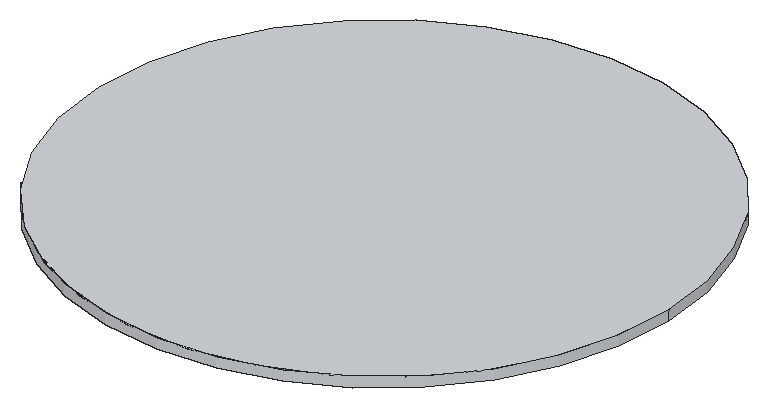
Revit family "CITY", category Lighting Fixtures, host Face, Revit 2023 (continued)
Types (10, lengths in mm): name | Radio | Photometric Web File | built-in parameter 1150142 | Manufacturer | LuxLight_Watios | LuxLight_Temperatura | LuxLight_Lumenes
  LISUP2083 | 1041.5 | "LISUP208301 .ies" | "IESNA:LM-63-2002\r\n[TEST] Viso  - serial: n/a sensor serial: n/a\r\n[TESTLAB] Viso  - serial: n/a sensor serial: n/a - Test lab\r\n[MANUFAC] LUX LIGHT\r\n[ISSUEDATE] 12/9/2025\r\n[LUMINAIRE] CITY ROUND 3000K 20W Ø220x55mm\r\n[LUMCAT] N/A\r\nTILT=NONE\r\n1 1550 1 181 17 1 2 -0.215 -0.215 0\r\n1.0 1.0 20.00\r\n0 1 2 3 4 5 6 7 8 9 10 11 12 13 14 15 16 17 18 19 20 21 22 23 24 25 26 27 28 29 30 31 32 33 34 35 36 37 38 39 40 41 42 43 44 45 46 47 48 49 50 51 52 53 54 55 56 57 58 59 60 61 62 63 64 65 66 67 68 69 70 71 72 73 74 75 76 77 78 79 80\r\n 81 82 83 84 85 86 87 88 89 90 91 92 93 94 95 96 97 98 99 100 101 102 103 104 105 106 107 108 109 110 111 112 113 114 115 116 117 118 119 120 121 122 123 124 125 126 127 128 129 130 131 132 133 134 135 136 137 138 139 140 141 142 143\r\n 144 145 146 147 148 149 150 151 152 153 154 155 156 157 158 159 160 161 162 163 164 165 166 167 168 169 170 171 172 173 174 175 176 177 178 179 180\r\n0 22.5 45 67.5 90 112.5 135 157.5 180 202.5 225 247.5 270 292.5 315 337.5 360 \r\n563.50531 562.336914 561.902893 561.267273 560.492188 559.639648 558.32196 557.066345 555.175171 553.438965 551.563293 549.315552 546.881836 544.510071 541.62677 538.774475 535.441589 532.217285 528.868896 524.916016 521.180115 517.21167\r\n 512.824707 508.468781 503.77179 499.260803 494.39328 489.107239 483.99173 478.581635 472.861542 467.172455 461.033813 455.236206 449.190552 442.633392 436.122681 429.782532 422.450256 415.521057 408.157745 400.934021 393.818756 385.78894\r\n 378.022614 370.488831 362.164429 354.103607 345.562195 337.175842 328.959961 319.612488 311.288116 301.646118 293.244232 284.191284 274.688782 265.899353 256.505371 246.212296 237.128342 227.1763 217.580795 207.892273 197.816223 187.91069\r\n 178.547714 168.20813 158.659119 147.76149 138.119461 127.888397 117.161278 106.790695 96.776642 85.398453 75.492912 64.161224 54.348694 44.846199 34.212086 25.345156 16.850266 9.34748 5.084533 3.596377 2.666279 1.937703 1.472654 1.255632\r\n 1.178123 1.100615 1.116117 1.14712 1.209127 1.255632 1.286635 1.33314 1.395146 1.488156 1.426149 1.503658 1.581166 1.596667 1.705179 1.81369 1.875697 1.968706 2.108221 2.201231 2.263237 2.29424 2.356247 2.371748 2.418253 2.449256\r\n 2.57327 2.542266 2.619774 2.728286 2.759289 2.821296 2.883302 2.898804 2.96081 3.05382 3.05382 3.14683 3.208836 3.224338 3.270843 3.317348 3.363853 3.472364 3.518869 3.549872 3.611878 3.673885 3.704888 3.782396 3.844403 3.906409 3.999419\r\n 4.014921 4.076927 4.107931 4.185439 4.169937 4.247445 4.247445 4.309452 4.29395 4.371458 4.402461 4.479969 4.526474 4.572979 4.464468 4.495471 4.479969 4.526474 4.541976 4.603982 4.603982 4.650487 4.681491 4.696992 4.712493 4.790002\r\n 4.805503 4.852008 4.852008 4.86751 4.852008 4.898513 4.86751 4.898513 4.852008 4.898513 4.86751 4.968271\r\n563.50531 562.662476 562.212891 561.530823 560.724792 559.624146 558.32196 556.895874 555.128662 553.2995 551.361755 548.943481 546.556274 544.122498 541.022217 538.076904 534.651001 531.163147 527.799316 523.830872 519.955505 515.956055\r\n 511.445099 506.980621 502.082123 497.478119 492.595093 487.185059 481.852478 476.659424 470.753326 465.06424 458.600037 452.740417 446.741302 439.812073 433.254883 426.914734 419.365448 412.560211 405.103943 397.771698 390.563416\r\n 381.975494 374.441742 366.566925 358.149536 350.352203 341.26828 332.819885 324.63504 315.14801 306.839142 297.104126 288.438721 279.819824 269.77475 260.938843 251.544846 241.577316 232.415848 221.998749 212.744293 203.009277 192.871201\r\n 182.950165 173.525192 162.627548 153.063034 142.583939 132.6474 122.617851 111.968231 102.264214 92.06414 81.399033 71.121452 60.62685 51.186363 41.528854 31.731825 22.895899 15.005572 7.611297 4.464468 3.162331 2.325244 1.643172\r\n 1.271133 1.14712 1.116117 1.069612 1.116117 1.116117 1.24013 1.209127 1.271133 1.33314 1.348641 1.395146 1.472654 1.519159 1.565664 1.596667 1.689677 1.875697 1.937703 2.030713 2.108221 2.170228 2.201231 2.170228 2.170228 2.325244\r\n 2.526765 2.526765 2.650778 2.650778 2.743788 2.805794 2.821296 2.929807 2.976312 3.069322 3.131328 3.162331 3.224338 3.270843 3.363853 3.394856 3.472364 3.472364 3.549872 3.62738 3.658383 3.689386 3.8134 3.859904 3.937413 3.921911\r\n 3.999419 4.045924 4.061425 4.107931 4.169937 4.216442 4.247445 4.309452 4.324953 4.417963 4.417963 4.448967 4.479969 4.526474 4.541976 4.572979 4.650487 4.696992 4.696992 4.758999 4.727995 4.7745 4.836507 4.805503 4.852008 4.898513\r\n 4.836507 4.805503 4.805503 4.898513 4.945018 4.96052 4.929516 5.022526 5.022526 5.022526 5.007024 5.022526 5.069031 5.100035 4.968271\r\n563.50531 563.189514 562.73999 562.011414 561.081299 559.903137 558.570007 557.004333 555.345642 553.407959 551.392822 548.927979 546.571777 543.952026 540.929199 537.720337 534.263489 530.961609 527.520325 523.257324 519.490417 515.367004\r\n 510.778534 506.236542 501.369019 496.377502 491.696014 486.270447 480.844879 475.3573 469.373657 463.436554 457.17392 451.035278 444.912109 437.874359 431.503204 424.744507 417.505219 410.328003 402.685699 395.585938 388.021149 379.681305\r\n 372.30249 364.210632 355.374725 347.375916 338.276428 330.122589 321.875732 312.249207 303.785339 294.065826 285.322906 276.207916 266.503937 257.063446 248.072479 238.042953 228.509445 218.433395 208.589844 199.273376 188.530762\r\n 179.074768 169.122711 158.705627 148.986115 138.08847 128.074417 118.509911 107.968811 97.954765 88.235245 77.229095 67.726593 57.387012 47.682999 38.645546 28.755514 20.555153 12.928354 6.882721 4.169937 2.96081 2.108221 1.581166\r\n 1.271133 1.14712 1.162622 1.14712 1.178123 1.24013 1.271133 1.317638 1.348641 1.379645 1.472654 1.596667 1.519159 1.596667 1.705179 1.798188 1.937703 2.046214 2.123723 2.123723 2.201231 2.278739 2.340745 2.433755 2.418253 2.371748\r\n 2.371748 2.433755 2.495762 2.526765 2.542266 2.604273 2.666279 2.759289 2.821296 2.836797 2.96081 2.976312 3.069322 3.069322 3.193335 3.224338 3.14683 3.23984 3.286344 3.394856 3.53437 3.673885 3.735892 3.766895 3.859904 3.921911\r\n 3.921911 3.968416 4.014921 4.107931 4.154435 4.216442 4.309452 4.324953 4.371458 4.402461 4.417963 4.464468 4.495471 4.526474 4.572979 4.603982 4.572979 4.572979 4.572979 4.650487 4.696992 4.852008 4.836507 4.86751 4.945018 4.991523\r\n 4.991523 4.991523 4.991523 4.991523 4.96052 4.96052 4.96052 4.96052 4.991523 4.96052 4.991523 5.007024 5.022526 5.007024 4.968271\r\n563.50531 563.499512 563.112 562.383423 561.437866 560.337219 558.864563 557.484924 555.655701 553.826538 551.70282 549.25354 546.773315 544.153503 541.068726 537.906311 534.542542 531.008179 527.473755 523.505371 519.598938 515.661499\r\n 510.949036 506.298553 501.136536 496.548035 491.509979 485.882904 480.395325 475.140289 468.846619 463.20401 456.53833 450.585724 444.369568 437.641876 430.759125 424.01593 416.621643 409.800934 401.817627 394.578339 387.370087 378.580658\r\n 371.015869 363.017029 354.444641 346.135742 337.284332 328.665436 320.279083 310.66806 302.126648 292.283112 283.555725 274.797272 264.891754 254.92421 245.700745 235.469681 225.688156 215.426071 205.427536 195.785507 184.686356 175.028839\r\n 165.247314 154.008621 144.258118 133.453476 123.330925 113.146355 102.651756 93.226768 83.383232 73.167671 63.603165 53.82164 45.047718 36.072281 26.957325 18.989489 11.595215 5.317057 3.689386 2.666279 1.953205 1.472654 1.271133\r\n 1.24013 1.271133 1.286635 1.286635 1.286635 1.379645 1.395146 1.488156 1.550162 1.581166 1.627671 1.705179 1.751684 1.875697 2.046214 2.046214 2.123723 2.139224 2.325244 2.29424 2.371748 2.371748 2.433755 2.449256 2.542266 2.588771\r\n 2.604273 2.650778 2.57327 2.666279 2.681781 2.759289 2.836797 2.898804 2.976312 3.022817 3.084823 3.131328 3.193335 3.224338 3.317348 3.348351 3.394856 3.503367 3.518869 3.62738 3.689386 3.766895 3.844403 3.968416 3.999419 4.154435\r\n 4.216442 4.324953 4.402461 4.464468 4.495471 4.479969 4.526474 4.557477 4.634985 4.681491 4.712493 4.727995 4.758999 4.7745 4.836507 4.836507 4.852008 4.929516 4.96052 4.991523 5.007024 5.007024 5.007024 5.038028 5.007024 5.038028\r\n 5.100035 5.084533 5.100035 5.038028 4.991523 5.038028 5.038028 5.022526 5.022526 5.038028 5.038028 5.069031 5.084533 4.968271\r\n563.50531 566.537903 566.010803 565.220215 564.274658 563.034546 561.592834 560.151245 557.934448 556.151794 553.99707 551.408325 548.850525 546.215271 542.975403 539.952576 536.340698 532.899353 529.225403 524.854004 520.947571 516.762146\r\n 512.034119 507.461151 502.392151 497.32309 492.502106 486.549469 481.325439 475.589844 469.606201 463.57608 456.972382 450.632202 444.478058 437.161316 430.650635 423.736908 415.939575 408.963837 400.871979 393.586243 386.145477 377.588562\r\n 369.977264 360.846802 352.491425 344.244568 334.540558 325.720123 316.589661 306.823639 297.92572 287.524109 278.393677 268.193604 257.962524 248.072479 238.228958 227.656845 218.014847 206.776169 196.886124 186.562042 175.788422\r\n 165.46434 155.078247 143.901581 133.856522 122.881378 112.433281 102.481232 91.196053 80.980484 71.338478 60.518341 51.108856 41.699368 32.987457 25.174639 17.470331 10.97515 5.704597 3.348351 2.356247 1.643172 1.178123 1.023107 1.085114\r\n 1.178123 1.178123 1.209127 1.209127 1.085114 1.085114 1.100615 1.162622 1.209127 1.24013 1.33314 1.472654 1.565664 1.627671 1.658674 1.751684 1.798188 1.860195 1.9067 1.968706 2.046214 2.092719 2.123723 2.185729 2.201231 2.29424 2.340745\r\n 2.402752 2.418253 2.449256 2.542266 2.619774 2.681781 2.743788 2.759289 2.852299 2.914305 2.991813 3.05382 3.115826 3.162331 3.23984 3.286344 3.270843 3.363853 3.456862 3.472364 3.53437 3.611878 3.704888 3.766895 3.8134 3.906409 3.983917\r\n 4.014921 4.045924 4.107931 4.169937 4.154435 4.185439 4.247445 4.262947 4.309452 4.38696 4.371458 4.417963 4.464468 4.526474 4.541976 4.557477 4.603982 4.634985 4.603982 4.650487 4.650487 4.681491 4.712493 4.727995 4.727995 4.696992\r\n 4.727995 4.696992 4.727995 4.758999 4.712493 4.712493 4.758999 4.7745 4.7745 4.805503 4.790002 4.968271\r\n563.50531 563.143005 562.615967 561.902893 561.081299 559.949646 558.430542 557.004333 555.268188 553.237488 551.098267 548.77301 546.215271 543.657471 540.572632 537.456848 533.999939 530.512085 527.086243 522.96283 519.040894 514.901978\r\n 510.297974 505.709473 500.655945 496.144958 490.967438 485.54187 480.054291 474.721741 468.552094 462.599457 456.305817 450.275665 443.858002 436.789276 430.247589 423.364868 415.970581 408.808838 401.151031 393.508728 386.331451\r\n 377.650574 369.992767 360.970825 352.723969 344.182587 334.757568 325.766632 317.039215 306.978668 298.03421 287.880646 278.362671 269.030701 258.458557 249.126602 239.159058 228.633453 218.541901 207.380722 197.6147 187.399139 176.594513\r\n 166.208405 155.884323 145.048691 135.01915 123.640953 113.704407 103.349327 92.203659 82.406639 72.377083 61.944489 52.255974 42.009403 33.312992 25.174639 17.253307 11.145668 5.658092 3.348351 2.495762 1.751684 1.33314 1.069612 1.069612\r\n 1.100615 1.14712 1.162622 1.14712 1.100615 1.162622 1.209127 1.24013 1.317638 1.395146 1.488156 1.519159 1.596667 1.658674 1.689677 1.736182 1.782687 1.829192 1.9067 1.953205 2.030713 2.061716 2.139224 2.201231 2.278739 2.340745 2.402752\r\n 2.433755 2.495762 2.57327 2.619774 2.681781 2.743788 2.852299 2.929807 2.929807 2.991813 3.05382 3.05382 3.14683 3.208836 3.286344 3.348351 3.394856 3.44136 3.472364 3.53437 3.611878 3.704888 3.766895 3.8134 3.875406 3.937413 3.999419\r\n 4.045924 4.076927 4.169937 4.185439 4.262947 4.324953 4.371458 4.38696 4.464468 4.464468 4.495471 4.541976 4.557477 4.557477 4.634985 4.634985 4.634985 4.634985 4.681491 4.650487 4.603982 4.650487 4.696992 4.696992 4.712493 4.758999\r\n 4.7745 4.790002 4.805503 4.805503 4.852008 4.790002 4.86751 4.945018 4.898513 4.852008 4.852008 4.968271\r\n563.50531 562.181885 561.825317 561.14325 560.259705 559.252075 558.011963 556.694336 554.725586 553.14447 551.036255 548.602478 546.215271 543.8125 540.758667 538.014893 534.542542 531.209656 527.907776 523.846375 520.125977 516.064575\r\n 511.414093 506.980621 502.113098 497.369629 492.765625 486.983521 481.945496 476.426941 470.272797 464.831696 458.305511 452.476898 446.121246 439.378021 432.774353 426.217133 419.148407 411.847137 403.972321 396.857086 389.67984\r\n 381.184937 373.666656 364.846252 356.769897 348.78653 339.594086 330.82016 321.844727 312.249207 303.134277 293.430237 283.881256 274.301239 264.194183 254.474655 245.049683 234.183029 224.525528 213.457367 203.79985 193.599777 182.810654\r\n 172.409073 162.069489 150.768799 140.739243 129.71759 119.284996 108.836906 98.001266 87.615181 77.368599 66.579475 56.689438 46.582378 37.932476 29.592602 21.48525 14.819552 8.804922 4.076927 2.852299 2.046214 1.503658 1.178123 1.069612\r\n 1.069612 1.085114 1.100615 1.116117 1.100615 1.14712 1.14712 1.255632 1.348641 1.410648 1.472654 1.550162 1.550162 1.643172 1.643172 1.689677 1.751684 1.798188 1.860195 1.937703 2.015211 2.046214 2.123723 2.170228 2.216732 2.325244\r\n 2.340745 2.48026 2.495762 2.57327 2.619774 2.681781 2.743788 2.821296 2.852299 2.836797 2.991813 3.084823 3.131328 3.162331 3.270843 3.286344 3.363853 3.394856 3.503367 3.503367 3.596377 3.596377 3.658383 3.751393 3.782396 3.906409\r\n 3.968416 3.983917 3.983917 3.983917 4.045924 4.061425 4.138934 4.154435 4.169937 4.231944 4.29395 4.38696 4.464468 4.495471 4.557477 4.557477 4.603982 4.557477 4.603982 4.650487 4.712493 4.727995 4.7745 4.727995 4.727995 4.790002\r\n 4.7745 4.7745 4.790002 4.790002 4.836507 4.836507 4.805503 4.898513 4.945018 4.86751 4.86751 4.945018 4.898513 4.968271\r\n563.50531 561.995911 561.747864 561.205261 560.538696 559.43811 558.32196 556.957825 555.345642 553.671509 551.842285 549.548035 547.253784 544.897583 542.091797 539.192993 535.937622 532.604797 529.271973 525.319031 521.722717 517.769775\r\n 513.382751 508.964813 504.298828 499.818878 494.966858 489.649811 484.348236 479.031189 473.249084 467.590973 461.204315 455.360199 449.144043 442.35437 436.060699 429.410492 421.969727 415.381531 407.506683 400.391449 392.935181\r\n 384.998352 377.480042 368.768127 360.691772 352.78595 343.733002 335.315613 326.681244 317.411255 308.63736 299.15033 290.050903 280.796417 271.138916 261.729431 252.55246 241.995865 232.756882 221.983261 212.558273 202.497711 191.553558\r\n 181.880554 171.742493 160.596832 150.706787 139.716141 129.175034 118.509911 107.317749 97.210686 86.63858 75.647926 65.261833 54.596722 44.706684 35.204189 25.887712 17.718355 11.006153 5.007024 3.379354 2.340745 1.705179 1.271133\r\n 1.100615 1.023107 0.976602 1.007606 1.038609 1.038609 1.100615 1.178123 1.271133 1.379645 1.395146 1.426149 1.503658 1.503658 1.550162 1.596667 1.689677 1.751684 1.81369 1.829192 1.9067 1.9067 1.968706 2.123723 2.170228 2.201231 2.325244\r\n 2.356247 2.449256 2.542266 2.542266 2.650778 2.681781 2.712784 2.759289 2.821296 2.883302 2.991813 3.069322 3.115826 3.162331 3.224338 3.23984 3.348351 3.379354 3.472364 3.456862 3.611878 3.62738 3.735892 3.782396 3.751393 3.875406\r\n 3.921911 3.968416 4.045924 4.076927 4.154435 4.185439 4.216442 4.262947 4.262947 4.324953 4.29395 4.247445 4.29395 4.29395 4.371458 4.417963 4.417963 4.479969 4.495471 4.479969 4.541976 4.572979 4.603982 4.650487 4.650487 4.681491\r\n 4.712493 4.758999 4.790002 4.836507 4.805503 4.836507 4.929516 4.898513 4.898513 4.852008 4.929516 4.945018 5.007024 4.968271\r\n563.50531 562.414429 562.181885 561.716858 561.096802 560.18219 559.205566 557.686401 556.337769 554.617126 552.803406 550.571167 548.447449 546.060181 543.238953 540.433167 537.239746 534.294495 530.884094 526.946716 523.303833 519.66095\r\n 515.273987 511.02652 506.205536 501.772095 496.95105 491.72702 486.626984 481.604431 475.574341 469.86972 463.886108 458.026489 451.934357 445.346161 438.959503 432.355774 425.116547 418.342316 410.824036 403.553772 396.407532 388.176178\r\n 380.859406 372.333496 364.629211 356.475342 347.468903 338.989532 330.417114 321.395172 312.574738 303.211761 294.112335 285.384918 275.386353 266.131897 256.629395 246.677353 237.36087 226.726761 217.348267 207.380722 196.
